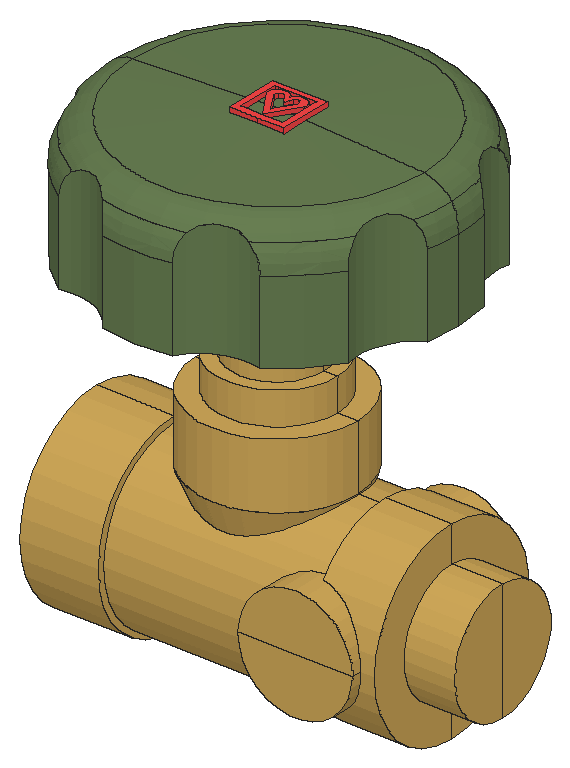
Revit family "Запорный клапан Strömax 4215 W, муфта х наружная резьба", category Rohrzubehör, Revit 2019
Family settings
  Bemaßung runder Anschluss = Durchmesser verwenden
  Teiletyp = Unterbricht
  OmniClass-Nummer = 23.65.55.14
  OmniClass-Titel = Valves for Liquid Services
  Arbeitsebenenbasiert = Nein
  Immer vertikal = Ja
  Beim Laden mit Abzugskörper schneiden = Nein
  Gemeinsam genutzt = Nein
Parameters
  Примечание = "В соответствии со статьей 33 Регламента REACH (Registration; Evaluation; Authorisation; Restriction of Chemicals) (EC № 1907/2006) мы обязаны указать, что свинец внесен в список SVHC (Substances of Very High Concern - вещества очень высокой важности) и весовой процент свинца во всех латунных компонентах заводского изготовления в наших изделиях, превышает 0,1 % (w/w) (CAS: 7439-92-1 / EINECS: 231-100-4).\r\nПоскольку свинец является легирующим компонентом сплава, прямое негативное влияние исключается, и поэтому дополнительной информации о безопасном использовании не требуется."
  Область применения = "Для перекрытия трубопроводов в системе питьевого водоснабжения в зданиях."
  Номер заказа = 2412561  # constant formula
  Маховик = "пластик, цвет маховика - зеленый"  # constant formula
  Макс. рабочее давление = 1000000.0 Pa  # constant formula
  Макс. рабочая температура = 90 °C  # constant formula
  Корпус = "латунь, устойчивая к селективной цинковой коррозии, в соответствии с EN1982"  # constant formula
  URL = "www.herz-armaturen.ru"
  T01 = 17.5 mm  # constant formula
  SC_NennweiteBerechnet = 0
  SC_Dimension = ""
  SCTWSEQ = "FW;SBT_TYP_FW=\"106\";2"
  SCTWCODE = "04;01;02"  # constant formula
  S03 = 60 mm  # constant formula
  S02 [instance] = H01 + H02 + H03  # 46 mm
  S01 [instance] = R01 * 2  # 32 mm
  R09 [instance] = Nennweite Aus / 2  # 10 mm
  R08 [instance] = size_lookup("4215W_", "R8", 9.5 mm, Nennweite)  # 9.5 mm
  R07 = 3 mm  # constant formula
  R06 [instance] = size_lookup("4215W_", "R6", 7.8 mm, Nennweite)  # 7.8 mm
  R05 [instance] = size_lookup("4215W_", "R5", 10.1 mm, Nennweite)  # 10.1 mm
  R04 [instance] = size_lookup("4215W_", "R4", 13.5 mm, Nennweite)  # 13.5 mm
  R03 = 15 mm  # constant formula
  R02 [instance] = Nennweite / 2  # 7.5 mm
  R01 = 16 mm  # constant formula
  Nennweite Aus [instance] = 20 mm  # constant formula
  Nennweite [instance] = 15 mm  # constant formula
  Мин. расход при Dp 10 кПа [instance] = if(Nennweite = 15 mm, 0.2, if(Nennweite = 20 mm, 0.4, if(Nennweite = 25 mm, 0.7, if(Nennweite = 32 mm, 1.2, if(Nennweite = 40 mm, 1.6, if(Nennweite = 50 mm, 2.7, 0))))))  # 0.2
  Среда = "Питьевая вода"  # constant formula
  Макс. перепад давления на закрытом седле = 1000000.0 Pa  # constant formula
  L06 = 18 mm  # constant formula
  L05 = 8.5 mm  # constant formula
  L04 = 37.5 mm  # constant formula
  L03 = 17 mm  # constant formula
  L02 = 12 mm  # constant formula
  L01 = 13 mm  # constant formula
  L00 = 30 mm  # constant formula
  Hersteller = "HERZ Armaturen Ges.m.b.H"  # constant formula
  H04 = 21 mm  # constant formula
  H03 = 14.6 mm  # constant formula
  H02 = 5.4 mm  # constant formula
  H01 = 26 mm  # constant formula
  H00 [instance] = H01 + H02 + H03  # 46 mm
  O-Ring = "EPDM"  # constant formula
Reference planes
  plane 1 "Mitte (Vorne/hinten)": y = 0
  plane 2: z = 0
  plane 3 "Mitte (Links/rechts)": x = 0
Forms (mm)
  Revolve 1, solid, material "Messing, weicher Gelbton, geschweißt", detail levels fine
    sketch origin (470, 0, 0) x (1, 0, 0) y (0, 0, 1)
      loop
        line (-500, 7.5) -> (-488, 7.5) -> (-488, 0) -> (-432.5, 0) -> (-432.5, 10) -> (-441, 10) -> (-441, 16) -> (-452, 16) -> (-452, 15) -> (-487, 15) -> (-487, 16) -> (-500, 16) -> (-500, 7.5)
      axis (-500, 0) -> (-432.5, 0)
    angle from 0 to 360
  Revolve 2, solid, material "Messing, weicher Gelbton, geschweißt", detail levels fine
    sketch origin (0, 0, 0) x (1, 0, 0) y (0, 0, 1)
      loop
        line (0, 0) -> (0, 46) -> (-7.8, 46) -> (-7.8, 31.4) -> (-10.1, 31.4) -> (-10.1, 26) -> (-13.5, 26) -> (-13.5, 15) -> (-7.5, 0) -> (0, 0)
      axis (0, 46) -> (0, 0)
    angle from 0 to 360
  Revolve 3, solid, material "Messing, weicher Gelbton, geschweißt", detail levels fine
    sketch origin (0, 0, 0) x (1, 0, 0) y (0, 1, 0)
      loop
        line (17, -17.5) -> (26.5, -17.5) -> (26.5, -7.5) -> (20, -7.5) -> (20, 7.5) -> (26.5, 7.5) -> (26.5, 17.5) -> (17, 17.5) -> (17, -17.5)
      axis (17, 17.5) -> (17, -17.5)
    angle from 0 to 360
Lines and regions (mm)
  model lines, detail levels coarse+medium
    curve 1: line (-30, 0, 16) -> (-30, 0, -16)
    curve 2: line (-30, 0, -16) -> (37.5, 0, 16)
    curve 3: line (37.5, 0, 16) -> (37.5, 0, -16)
    curve 4: line (37.5, 0, -16) -> (-30, 0, 16)
    curve 5: line (3.75, 0, 0) -> (3.75, 0, 46)
    curve 6: line (-26.25, 0, 46) -> (33.75, 0, 46)
    curve 7: line (-30, -16, 0) -> (-30, 16, 0)
    curve 8: line (-30, 16, 0) -> (37.5, -16, 0)
    curve 9: line (37.5, -16, 0) -> (37.5, 16, 0)
    curve 10: line (37.5, 16, 0) -> (-30, -16, 0)
    curve 11: line (3.75, 0, 0) -> (3.75, 46, 0)
    curve 12: line (-26.25, 46, 0) -> (33.75, 46, 0)
Dimensions and locks
  "R01": Revolve 1 sketch curve to Revolve 1 sketch curve  (x2)
  "R02": Revolve 1 sketch curve to Revolve 1 sketch curve
  "L01": Revolve 1 sketch curve to Revolve 1 sketch curve
  "L02": Revolve 1 sketch curve to Revolve 1 sketch curve
  "R03": Revolve 1 sketch curve to Revolve 1 sketch curve
  "R03": Revolve 2 sketch curve to Revolve 2 sketch curve
  "R02": Revolve 2 sketch curve to Revolve 2 sketch curve
  "R04": Revolve 2 sketch curve to Revolve 2 sketch curve
  "R05": Revolve 2 sketch curve to Revolve 2 sketch curve
  "R06": Revolve 2 sketch curve to Revolve 2 sketch curve
  "H01": Revolve 2 sketch curve to plane 2
  "T01": Revolve 3 sketch curve to plane 1 "Mitte (Vorne/hinten)" to Revolve 3 sketch curve
  "R02": Revolve 3 sketch curve to plane 1 "Mitte (Vorne/hinten)"
  "R02": plane 1 "Mitte (Vorne/hinten)" to Revolve 3 sketch curve
  "R07": Revolve 3 sketch curve to Revolve 3 sketch curve
  "R08": Revolve 3 sketch curve to Revolve 3 sketch curve
  "H02": Revolve 2 sketch curve to Revolve 2 sketch curve
  "H03": Revolve 2 sketch curve to Revolve 2 sketch curve
  "L00": plane 3 "Mitte (Links/rechts)" to Revolve 1 sketch curve
  "L04": Revolve 1 sketch curve to plane 3 "Mitte (Links/rechts)"
  "R09": Revolve 1 sketch curve to Revolve 1 sketch curve
  "L03": plane 3 "Mitte (Links/rechts)" to Revolve 3 sketch curve
  "L05": Revolve 1 sketch curve to Revolve 1 sketch curve
  "L06": Revolve 1 sketch curve to plane 3 "Mitte (Links/rechts)"
  "H00": nested 1 to plane 2
  "H04": nested 2 to Revolve 2
  equal spacing: curve 3, plane 2, curve 4
  "S01": curve 3 to curve 4
  equal spacing: curve 4, plane 2, curve 2
  "S01": curve 2 to curve 4
  "L00": curve 1 to plane 3 "Mitte (Links/rechts)"
  "L04": plane 3 "Mitte (Links/rechts)" to curve 3
  equal spacing: Revolve 1, curve 5, curve 3
  "S02": curve 5 to plane 2
  equal spacing: curve 6, curve 5, curve 6
  "S03": curve 6 to curve 6
  equal spacing: curve 10, plane 1 "Mitte (Vorne/hinten)", curve 8
  equal spacing: curve 9, plane 1 "Mitte (Vorne/hinten)", curve 10
  "S01": curve 8 to curve 7
  "S01": curve 10 to curve 9
  "L04": plane 3 "Mitte (Links/rechts)" to curve 9
  "L00": curve 7 to plane 3 "Mitte (Links/rechts)"
  equal spacing: curve 12, curve 11, curve 12
  equal spacing: curve 7, curve 11, curve 9
  "S03": curve 12 to curve 12
  "S02": plane 1 "Mitte (Vorne/hinten)" to curve 11
  aligned and locked: level to plane 2
Automatic sketch dimensions
  Revolve 1 sketch curve to level = 0 mm  (x2)
  Revolve 1 sketch curve to Revolve 1 sketch curve = 791.99 mm
  Revolve 1 sketch curve to Revolve 1 sketch curve = 2278.983 mm
  Revolve 2 sketch curve to level = 0 mm
  Revolve 2 sketch curve to plane 3 "Mitte (Links/rechts)" = 0 mm  (x2)
  Revolve 2 sketch curve to level = 366.045 mm
  Revolve 2 sketch curve to Revolve 2 sketch curve = 2165.278 mm
  Revolve 3 sketch curve to Revolve 3 sketch curve = 9.5 mm
  Revolve 3 sketch curve to Revolve 3 sketch curve = 0 mm
  Revolve 3 sketch curve to Revolve 3 sketch curve = 4.553 mm
  Revolve 3 sketch curve to Revolve 3 sketch curve = 3.768 mm
Nested families
  nested 1: "Strömax-Handrad (Grün)" at (0.258, 0, 46), type "Strömax-Handrad (Grün)", detail levels fine
    with Nennweite 0 mm, Gewicht 0.00 kg, Bestellnummer 0
  nested 2: "Herz-Logo" at (0.258, 0, 67), type "Herz-Logo", detail levels fine
Connectors
  piping at (-18, 0, 0), diameter 15, driven by "Nennweite"
    settings: on Revolve 1, index 1, connector inside diameter 609.6 mm, connector length 0 mm, flow factor 0, pipe flow 0.0 L/s, pressure drop 0.0 Pa, fitting loss kfactor 0, connector angle 0.00°, fixture units 0, engagement length 0 mm, angle of deflection 0.00°, flow configuration 0, flow direction 1, fitting loss method 0, system type 29, joint type 0, gender type 0, connector reference index -1, connector utility 0, adjustable connector no, is connector primary yes, connector description ""
  piping at (37.5, 0, 0), diameter 20, driven by "Nennweite Aus"
    settings: on Revolve 1, index 2, connector inside diameter 609.6 mm, connector length 0 mm, flow factor 0, pipe flow 0.0 L/s, pressure drop 0.0 Pa, fitting loss kfactor 0, connector angle 0.00°, fixture units 0, engagement length 0 mm, angle of deflection 0.00°, flow configuration 0, flow direction 2, fitting loss method 0, system type 29, joint type 0, gender type 0, connector reference index -1, connector utility 0, adjustable connector no, is connector primary no, connector description ""
Definition of nested family "Strömax-Handrad (Grün)"
  Parameters (values of type "Strömax-Handrad (Grün)")
    URL = "www.herz-armaturen.at"
    Nennweite [instance] = 0 mm
    Manufacturer = "Herz Armaturen GmbH"  # constant formula
    Gewicht [instance] = 0.00 kg
    Bestellnummer [instance] = 0
  Reference planes
    plane 1 "Mitte (Vorne/hinten)": y = 0
    plane 2: z = 0
    plane 3 "Mitte (Links/rechts)": x = 0
  Forms (mm)
    Revolve 1, solid
      sketch origin (0, 0, 0) x (1, 0, 0) y (0, 0, 1)
        loop
          line (0, 0) -> (0, 22)
          arc (0, 22) -> (-12.15, 21.705) -> (-24.271, 20.819) r 250
          arc (-24.271, 20.819) -> (-26.831, 19.959) -> (-28.754, 18.063) r 6
          arc (-28.754, 18.063) -> (-29.682, 16.008) -> (-30, 13.776) r 8
          line (-30, 13.776) -> (-30, 0) -> (0, 0)
        axis (0, 22) -> (0, 0)
      angle from 0 to 360
    Extrusion 2, void
      sketch origin (0, 0, 0) x (1, 0, 0) y (0, 1, 0)
        loop
          circle (14.351, -34.645) r 10
      from 0 to 22
    Extrusion 3, void
      sketch origin (0, 0, 0) x (-1, 0, 0) y (0, -1, 0)
        loop
          circle (14.351, 34.645) r 10
      from 0 to 22
    Extrusion 4, void
      sketch origin (0, 0, 0) x (0, -1, 0) y (1, 0, 0)
        loop
          circle (14.351, 34.645) r 10
      from 0 to 22
    Extrusion 5, void
      sketch origin (0, 0, 0) x (0, 1, 0) y (-1, 0, 0)
        loop
          circle (14.351, -34.645) r 10
      from 0 to 22
    Extrusion 6, void
      sketch origin (0, 0, 0) x (0, -1, 0) y (1, 0, 0)
        loop
          circle (14.351, -34.645) r 10
      from 0 to 22
    Extrusion 7, void
      sketch origin (0, 0, 0) x (0, 1, 0) y (-1, 0, 0)
        loop
          circle (14.351, 34.645) r 10
      from 0 to 22
    Extrusion 8, void
      sketch origin (0, 0, 0) x (1, 0, 0) y (0, 1, 0)
        loop
          circle (14.351, 34.645) r 10
      from 0 to 22
    Extrusion 9, void
      sketch origin (0, 0, 0) x (-1, 0, 0) y (0, -1, 0)
        loop
          circle (14.351, -34.645) r 10
      from 0 to 22
  Cuts and joins
    Extrusion 2, Extrusion 3, Extrusion 4, Extrusion 5, Extrusion 6, Extrusion 7, Extrusion 8, Extrusion 9 cuts Revolve 1
  Dimensions and locks
    aligned and locked: level to plane 2
Definition of nested family "Herz-Logo"
  Reference planes
    plane 1 "Mitte (Vorne/hinten)": y = 0
    plane 2: z = 0
    plane 3 "Mitte (Links/rechts)": x = 0
  Forms (mm)
    Extrusion 1, solid
      sketch origin (0, 0, 0) x (1, 0, 0) y (0, 1, 0)
        loop
          line (-0.018, -4.517) -> (4.482, -4.517) -> (4.482, 4.483) -> (-4.518, 4.483) -> (-4.518, -4.517) -> (-0.018, -4.517)
        loop
          line (-0.05, -3.48) -> (3.482, -3.48) -> (3.482, 3.483) -> (-3.518, 3.483) -> (-3.518, -3.48) -> (-0.05, -3.48)
        loop
          arc (-0.018, 2.383) -> (-1.543, 3.287) -> (-3.067, 2.383) r 1.738
          arc (-3.067, 2.383) -> (-3.191, 1.899) -> (-3.067, 1.415) r 1.009
          line (-3.067, 1.415) -> (-0.018, -3.281) -> (3.032, 1.415)
          arc (3.032, 1.415) -> (3.156, 1.899) -> (3.032, 2.383) r 1.009
          arc (3.032, 2.383) -> (1.507, 3.287) -> (-0.018, 2.383) r 1.738
        loop
          arc (1.885, 1.272) -> (2.005, 1.675) -> (1.885, 2.079) r 0.74
          arc (1.885, 2.079) -> (1.265, 2.416) -> (0.644, 2.079) r 0.74
          line (0.644, 2.079) -> (-0.018, 0.97) -> (-0.679, 2.079)
          arc (-0.679, 2.079) -> (-1.3, 2.416) -> (-1.921, 2.079) r 0.74
          arc (-1.921, 2.079) -> (-2.04, 1.675) -> (-1.921, 1.272) r 0.74
          line (-1.921, 1.272) -> (-0.018, -1.658) -> (1.885, 1.272)
      from 0 to 1.5
  Dimensions and locks
    aligned and locked: level to plane 2
